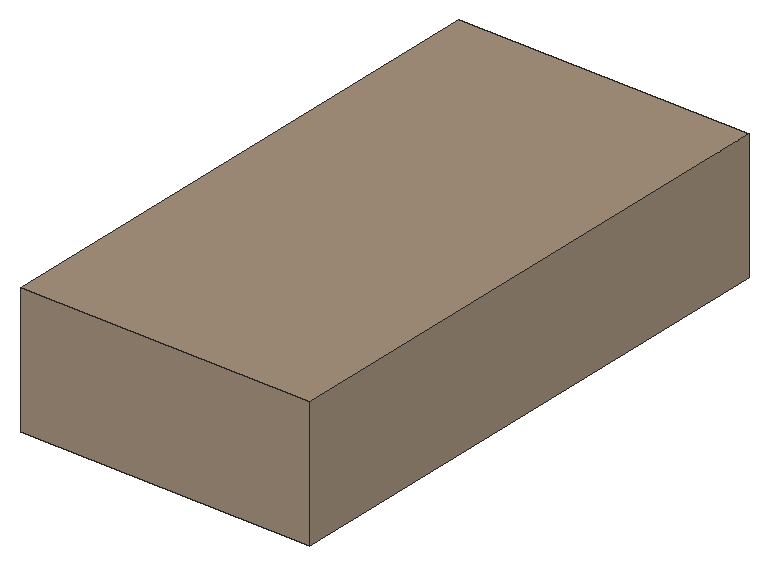
Revit family
Parameters
  Warranty Duration (Years) = 50
  URL = "http://www.nativecustomstone.com/"
  Test Data = "http://www.nativecustomstone.com/specs/testing-and-ics-esr-report"
  Specification = "http://www.nativecustomstone.com/specs/3-part-spec"
  Send Message = "http://www.arcat.com/users.pl?action=UserEmail&company=Native+Custom+Stone&coid=48056&rep=152&fax=706-216-5550&mf="
  Sales Information = "http://www.nativecustomstone.com/contact"
  Revision = "R1_10-2012"
  Product Properties = "http://www.nativecustomstone.com/specs/spec-data-sheet"
  Product Data = "http://www.arcat.com/arcatcos/cos48/arc48056.html"
  Model = "As Specified in 04 73 00"
  Material = Native-Custom-Stone_Accessory-Material_Brown-Color
  Manufacturer Website = "www.nativecstone.com"
  Manufacturer Phone - Toll Free = "888-823-0745"
  Manufacturer Phone = "706-216-5545"
  Manufacturer Fax = "706-216-5550"
  Manufacturer Email = "http://www.arcat.com/users.pl?action=UserEmail&company=Native+Custom+Stone&coid=48056&rep=152&fax=706-216-5550&mf="
  Manufacturer Address = "236 Hightower Pkwy. Dawsonville, GA 30534"
  Manufacturer = "Native Custom Stone"
  Maintenance Schedule (Months) = 12
  Keynote = "04 73 00"
  Installation-Fabrication = "http://www.nativecustomstone.com/specs/stone-installation-and-accessory-details"
  Installation Phase = "Masonry Finishes"
  Green Building-LEED = "http://www.nativecustomstone.com/specs/native-custom-stone-for-leeds-projects"
  Drawn By = "Sumex Design, Inc."
  Description = "Trimstone as Specified in 04 73 00"
  Default Elevation = 0' - 0"
  Copyright = "©Arcat Inc."
  Construction Details = "http://www.nativecustomstone.com/specs/stone-installation-and-accessory-details"
  Company_ID = 48056
  Assembly Code = "B2010100"
Reference planes (in)
  plane 1 "Center (Front/Back)": y = 0
  plane 2: z = 0
  plane 3 "Center (Left/Right)": x = 0
  plane 4: x = -2.25
  plane 5: x = 2.25
  plane 6: y = 4.25
  plane 7: y = -4.25
  plane 8: z = 2
Forms (in)
  Extrusion 1, solid, material "Native-Custom-Stone_Accessory-Material_Brown-Color" <- "Material"
    sketch origin (0, 0, 0) x (1, 0, 0) y (0, 1, 0)
      loop
        line (-2.25, 4.25) -> (-2.25, -4.25) -> (2.25, -4.25) -> (2.25, 4.25) -> (-2.25, 4.25)
    from 0 to 2
Dimensions and locks (in)
  equal spacing: plane 4, plane 3 "Center (Left/Right)", plane 5
  equal spacing: plane 7, plane 1 "Center (Front/Back)", plane 6
  locked: plane 7 to plane 6 at 8.5
  locked: plane 4 to plane 5 at 4.5
  locked: plane 8 to level at 2
  aligned and locked: Extrusion 1 sketch curve to plane 4
  aligned and locked: Extrusion 1 sketch curve to plane 6
  aligned and locked: Extrusion 1 sketch curve to plane 5
  aligned and locked: Extrusion 1 sketch curve to plane 7
  aligned and locked: plane 8 to Extrusion 1
